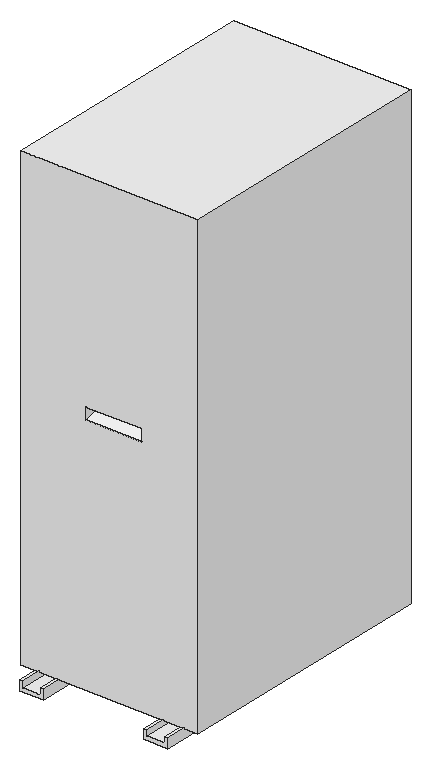
Revit family "Midea_VRF_HydroModule_SMK_140", category Mechanical Equipment, Revit 2013
Parameters (values of type "SMK-140/RN3")
  clearance access right = 400.000 mm
  clearance access left = 100.000 mm
  clearance access front = 600.000 mm
  clearance [instance] = no
  Width = 300.000 mm
  Water pipes diameter (external groove) = 25.400 mm
  URL = ""
  Series = "Hydro Module"
  Refrigerant pipe liquid side = 9.520 mm
  Refrigerant pipe gas side = 12.700 mm
  Power supply = "220-240V 1N~50Hz/60Hz"
  Net Weight = 58.00 kg
  Model = "SMK-140/RN3"
  Maximum Fuse Amps = 20 A
  Manufacturer = "Midea"
  MCA (Minimum Circuit Amps) = 16 A
  Installation = "Indoor installation"
  Height = 795.000 mm
  Heating Capacity = 14.000 kW
  Gas pipe = 15.900 mm
  Gas = "R134a"
  Description = "High efficiency water cooled"
  Depth = 450.000 mm
  Condensation = "water"
  Compressor = "1"
  Casing color = SB2014
Reference planes
  plane 1: z = 0
  plane 2 "中心(左/右)": x = 0
  plane 3: x = -150
  plane 4: x = 150
  plane 5: z = 795
  plane 6: y = 714.277
  plane 7: y = 264.277
  plane 8: y = 489.277
Forms (mm)
  Extrusion 1, solid, material "HXL White", detail levels medium+fine
    sketch origin (257.6, 182, -20) x (0, -1, 0) y (0, 0, -1)
      loop
        line (-532.277, -815) -> (-82.277, -815) -> (-82.277, -36) -> (-532.277, -36) -> (-532.277, -815)
    from -407.6 to -107.6
  Extrusion 2, solid, material "HXL White", detail levels fine
    sketch origin (-35, -45.795, 165.026) x (0, 0, 1) y (-1, 0, 0)
      loop
        line (-165.026, -120) -> (-165.026, -160) -> (-149.026, -160) -> (-149.026, -155) -> (-159.026, -155) -> (-159.026, -125) -> (-149.026, -125) -> (-149.026, -120) -> (-165.026, -120)
    from -786.64 to -276.572
  Extrusion 3, solid, material "HXL White", detail levels fine
    sketch origin (35, -45.795, 165.026) x (0, 0, 1) y (-1, 0, 0)
      loop
        line (-165.026, 120) -> (-149.026, 120) -> (-149.026, 125) -> (-159.026, 125) -> (-159.026, 155) -> (-149.026, 155) -> (-149.026, 160) -> (-165.026, 160) -> (-165.026, 120)
    from -786.64 to -276.572
  Extrusion 4, void
    sketch origin (0, 0, 70) x (0, 1, 0) y (0, 0, 1)
      loop
        line (264.277, 356) -> (303.219, 366.221)
        arc (303.219, 366.221) -> (306.481, 368.382) -> (307.743, 372.086) r 6.064
        line (307.743, 372.086) -> (307.743, 385.245)
        arc (307.743, 385.245) -> (306.59, 386.641) -> (304.792, 386.856) r 2.437
        line (304.792, 386.856) -> (264.277, 376) -> (264.277, 356)
    from -39.417 to 54.619
  Extrusion 5, void
    sketch origin (0, 978.553, 70) x (0, -1, 0) y (0, 0, -1)
      loop
        line (264.277, -356) -> (264.277, -376) -> (304.792, -386.856)
        arc (304.792, -386.856) -> (306.59, -386.641) -> (307.743, -385.245) r 2.437
        line (307.743, -385.245) -> (307.743, -372.086)
        arc (307.743, -372.086) -> (306.481, -368.382) -> (303.219, -366.221) r 6.064
        line (303.219, -366.221) -> (264.277, -356)
    from -39.417 to 54.619
  Extrusion 6, solid, material "HXL White"
    sketch origin (257.6, 714.277, 0) x (0, 0, 1) y (1, 0, 0)
      loop
        circle (60.58, -211.148) r 12.5
      loop
        circle (60.58, -211.148) r 10
    from 0 to 34
  Extrusion 7, solid, material "HXL White"
    sketch origin (246.614, 714.277, -2.848) x (0, 0, 1) y (1, 0, 0)
      loop
        circle (74.887, -356.527) r 17.4
    from 0 to 34
  Extrusion 8, solid, material "HXL White"
    sketch origin (257.253, 714.277, 313.981) x (0, 0, 1) y (1, 0, 0)
      loop
        circle (74.887, -356.527) r 17.4
    from 0 to 34
  Extrusion 9, solid, material "HXL White"
    sketch origin (257.6, 714.277, 125) x (0, 0, 1) y (1, 0, 0)
      loop
        circle (102.763, -147.26) r 6.35
    from 0 to 34
  Extrusion 10, solid, material "HXL White"
    sketch origin (258.011, 714.277, 3.952) x (0, 0, 1) y (1, 0, 0)
      loop
        circle (102.763, -147.26) r 4.76
    from 0 to 34
  Extrusion 11, solid, material "HXL White"
    sketch origin (258.011, 714.277, 30.712) x (0, 0, 1) y (1, 0, 0)
      loop
        circle (102.763, -147.26) r 4.76
    from 0 to 34
  Extrusion 12, solid, material "HXL White"
    sketch origin (257.6, 714.277, 156.35) x (0, 0, 1) y (1, 0, 0)
      loop
        circle (102.763, -147.26) r 6.35
    from 0 to 34
  Extrusion 13, solid, material "HXL White"
    sketch origin (257.6, 714.277, 191.35) x (0, 0, 1) y (1, 0, 0)
      loop
        circle (102.763, -147.26) r 6.35
    from 0 to 34
  Extrusion 14, solid, material "HXL White"
    sketch origin (257.6, 714.277, 226.35) x (0, 0, 1) y (1, 0, 0)
      loop
        circle (102.763, -147.26) r 6.35
    from 0 to 34
Cuts and joins
  Extrusion 4, Extrusion 5 cuts Extrusion 1
Lines and regions (mm)
  model lines, not visible
    curve 1: circle (177.54, 182, 460) r 280 normal (0, 1, 0)
    curve 2: circle (177.54, 182, 460) r 240 normal (0, 1, 0)
    curve 3: circle (177.54, 182, 460) r 200 normal (0, 1, 0)
    curve 4: circle (177.54, 182, 460) r 160 normal (0, 1, 0)
    curve 5: circle (177.54, 182, 460) r 120 normal (0, 1, 0)
    curve 6: circle (177.54, 182, 460) r 80 normal (0, 1, 0)
    curve 7: circle (177.54, 182, 460) r 40 normal (0, 1, 0)
    curve 8: arc (177.54, 182, 740) -> (273.688, 182, 600) -> (177.54, 182, 460) r 150
    curve 9: arc (177.54, 182, 460) -> (37.54, 182, 556.148) -> (-102.46, 182, 460) r 150
    curve 10: arc (177.54, 182, 460) -> (81.391, 182, 320) -> (177.54, 182, 180) r 150
    curve 11: arc (177.54, 182, 460) -> (317.54, 182, 363.852) -> (457.54, 182, 460) r 150
    curve 12: line (-151.4, 182, 818) -> (-151.4, 182, 178)
    curve 13: line (448.6, 182, 818) -> (448.6, 182, 178)
    curve 14: line (448.6, 182, 818) -> (-151.4, 182, 818)
    curve 15: line (448.6, 182, 178) -> (-151.4, 182, 178)
    curve 16: circle (148.6, 182, 498) r 280 normal (0, 1, 0)
    curve 17: circle (148.6, 182, 498) r 240 normal (0, 1, 0)
    curve 18: circle (148.6, 182, 498) r 200 normal (0, 1, 0)
    curve 19: circle (148.6, 182, 498) r 160 normal (0, 1, 0)
    curve 20: circle (148.6, 182, 498) r 120 normal (0, 1, 0)
    curve 21: circle (148.6, 182, 498) r 80 normal (0, 1, 0)
    curve 22: circle (148.6, 182, 498) r 40 normal (0, 1, 0)
    curve 23: arc (148.6, 182, 778) -> (244.748, 182, 638) -> (148.6, 182, 498) r 150
    curve 24: arc (148.6, 182, 498) -> (8.6, 182, 594.148) -> (-131.4, 182, 498) r 150
    curve 25: arc (148.6, 182, 498) -> (52.452, 182, 358) -> (148.6, 182, 218) r 150
    curve 26: arc (148.6, 182, 498) -> (288.6, 182, 401.852) -> (428.6, 182, 498) r 150
    curve 27: line (-327.463, 0, 542.426) -> (-398.173, 0, 613.137)
    curve 28: line (-341.605, 0, 528.284) -> (-412.315, 0, 598.995)
    curve 29: arc (-327.463, 0, 542.426) -> (-327.463, 0, 528.284) -> (-341.605, 0, 528.284) r 10
    curve 30: line (-327.463, 0, 602.426) -> (-398.173, 0, 673.137)
    curve 31: line (-341.605, 0, 588.284) -> (-412.315, 0, 658.995)
    curve 32: arc (-327.463, 0, 602.426) -> (-327.463, 0, 588.284) -> (-341.605, 0, 588.284) r 10
    curve 33: line (-327.463, 0, 662.426) -> (-398.173, 0, 733.137)
    curve 34: line (-341.605, 0, 648.284) -> (-412.315, 0, 718.995)
    curve 35: arc (-327.463, 0, 662.426) -> (-327.463, 0, 648.284) -> (-341.605, 0, 648.284) r 10
    curve 36: line (-412.315, 0, 733.137) -> (-468.884, 0, 789.706)
    curve 37: line (-468.884, 0, 789.706) -> (-468.884, 0, 964.3)
    curve 38: line (-327.463, 0, 528.284) -> (-302.714, 0, 503.536)
    curve 39: line (-302.714, 0, 503.536) -> (-302.714, 0, 31.9)
    curve 40: line (-327.463, 0, 542.426) -> (-398.173, 0, 613.137)
    curve 41: line (-341.605, 0, 528.284) -> (-412.315, 0, 598.995)
    curve 42: arc (-398.173, 0, 613.137) -> (-412.315, 0, 613.137) -> (-412.315, 0, 598.995) r 10
    curve 43: arc (-327.463, 0, 542.426) -> (-327.463, 0, 528.284) -> (-341.605, 0, 528.284) r 10
    curve 44: line (-327.463, 0, 602.426) -> (-398.173, 0, 673.137)
    curve 45: line (-341.605, 0, 588.284) -> (-412.315, 0, 658.995)
    curve 46: arc (-398.173, 0, 673.137) -> (-412.315, 0, 673.137) -> (-412.315, 0, 658.995) r 10
    curve 47: arc (-327.463, 0, 602.426) -> (-327.463, 0, 588.284) -> (-341.605, 0, 588.284) r 10
    curve 48: line (-327.463, 0, 662.426) -> (-398.173, 0, 733.137)
    curve 49: line (-341.605, 0, 648.284) -> (-412.315, 0, 718.995)
    curve 50: arc (-398.173, 0, 733.137) -> (-412.315, 0, 733.137) -> (-412.315, 0, 718.995) r 10
    curve 51: arc (-327.463, 0, 662.426) -> (-327.463, 0, 648.284) -> (-341.605, 0, 648.284) r 10
    curve 52: line (-412.315, 0, 733.137) -> (-468.884, 0, 789.706)
    curve 53: line (-468.884, 0, 789.706) -> (-468.884, 0, 964.3)
    curve 54: line (-327.463, 0, 528.284) -> (-302.714, 0, 503.536)
    curve 55: line (-302.714, 0, 503.536) -> (-302.714, 0, 31.9)
  model lines, detail levels coarse
    curve 56: line (-150, 714.277, 16) -> (-150, 714.277, 795)
    curve 57: line (150, 264.277, 795) -> (150, 264.277, 16)
    curve 58: line (150, 714.277, 16) -> (150, 714.277, 795)
    curve 59: line (150, 714.277, 795) -> (150, 264.277, 795)
    curve 60: line (-150, 714.277, 795) -> (150, 714.277, 795)
    curve 61: line (-150, 264.277, 795) -> (-150, 714.277, 795)
    curve 62: line (150, 264.277, 795) -> (-150, 264.277, 795)
  model lines
    curve 63: line (-150, 714.277, 16) -> (150, 714.277, 16)
    curve 64: line (150, 714.277, 16) -> (150, 264.277, 16)
    curve 65: line (150, 264.277, 16) -> (-150, 264.277, 16)
    curve 66: line (-150, 264.277, 16) -> (-150, 714.277, 16)
Dimensions and locks
  aligned and locked: level to plane 1
Nested families
  nested 1: "Midea service space" at (-150, -335.723, 0), Height <- "Height", visible <- "clearance", type "Midea Service  Space"
    with Width 300.000 mm, Height 795.000 mm, Depth 600.000 mm
  nested 2: "Midea service space" at (150, 264.277, 0), Height <- "Height", visible <- "clearance", type "Midea Service  Space"
    with Width 100.000 mm, Height 795.000 mm, Depth 450.000 mm
  nested 3: "Midea service space" at (-550, 264.277, 0), Height <- "Height", visible <- "clearance", type "Midea Service  Space"
    with Width 400.000 mm, Height 795.000 mm, Depth 450.000 mm
Connectors
  electrical at (150, 489.277, 405.5)
    settings: on Extrusion 1, index 8, voltage 220 V, apparent load 0 VA, apparent load phase1 0 VA, apparent load phase2 0 VA, apparent load phase3 0 VA, power factor 1, load classification "Other", number of poles 1, system type 30, power factor state 1, is connector primary yes, connector utility no, sub classification motor no, connector description "The location of  electrical connectors is not the same as the actual location because the wiring terminal is inside the unit."
  piping at (46.452, 748.277, 60.58)
    settings: on Extrusion 6, index 9, connector radius 12.7 mm, flow factor 0, pipe flow 0.0 L/s, pressure drop 0.0 Pa, fitting loss kfactor 0, connector angle 0.00°, fixture units 0, engagement length 0.000 mm, flow configuration 0, flow direction 0, fitting loss method 0, system type 7, joint type 0, gender type 0, connector reference index -1, connector utility 0, adjustable connector no, is connector primary yes, fitting loss table "", connector description "Water pipes diameter"
  piping at (110.75, 748.277, 106.715)
    settings: on Extrusion 10, index 10, connector radius 4.76 mm, flow factor 0, pipe flow 0.0 L/s, pressure drop 0.0 Pa, fitting loss kfactor 0, connector angle 0.00°, fixture units 0, engagement length 0.000 mm, flow configuration 0, flow direction 0, fitting loss method 0, system type 7, joint type 0, gender type 0, connector reference index -1, connector utility 0, adjustable connector no, is connector primary no, fitting loss table "", connector description "Refrigerant pipeliquid side"
  piping at (110.34, 748.277, 227.763)
    settings: on Extrusion 9, index 11, connector radius 6.35 mm, flow factor 0, pipe flow 0.0 L/s, pressure drop 0.0 Pa, fitting loss kfactor 0, connector angle 0.00°, fixture units 0, engagement length 0.000 mm, flow configuration 0, flow direction 0, fitting loss method 0, system type 7, joint type 0, gender type 0, connector reference index -1, connector utility 0, adjustable connector no, is connector primary no, fitting loss table "", connector description "Refrigerant pipe gas side"
Definition of nested family "Midea service space"
  Parameters (values of type "Midea Service  Space")
    Width [instance] = 500.000 mm
    Height [instance] = 500.000 mm
    Depth [instance] = 500.000 mm
  Reference planes
    plane 1 "Center (Front/Back)": y = 0
    plane 2: z = 0
    plane 3 "Center (Left/Right)": x = 0
    plane 4: z = 500
    plane 5: y = 500
    plane 6: x = 500
  Forms (mm)
    Extrusion 1, solid, material "Midea Service Space-HDY"
      sketch origin (0, 0, 0) x (1, 0, 0) y (0, 1, 0)
        loop
          line (0, 500) -> (0, 0) -> (500, 0) -> (500, 500) -> (0, 500)
      from 0 to 500
  Dimensions and locks
    "Width": plane 3 "Center (Left/Right)" to plane 6
    "Depth": plane 5 to plane 1 "Center (Front/Back)"
    "Height": level to plane 4
    aligned and locked: level to plane 2
    aligned and locked: plane 5 to Extrusion 1
    aligned and locked: Extrusion 1 to plane 6
    aligned and locked: Extrusion 1 to plane 3 "Center (Left/Right)"
    aligned and locked: plane 1 "Center (Front/Back)" to Extrusion 1
    aligned and locked: Extrusion 1 to plane 4
  Automatic sketch dimensions
    Extrusion 1 sketch curve to plane 3 "Center (Left/Right)" = 0.000 mm
    plane 1 "Center (Front/Back)" to Extrusion 1 sketch curve = 0.000 mm
    Extrusion 1 sketch curve to plane 6 = 0.000 mm
    Extrusion 1 sketch curve to plane 5 = 0.000 mm
